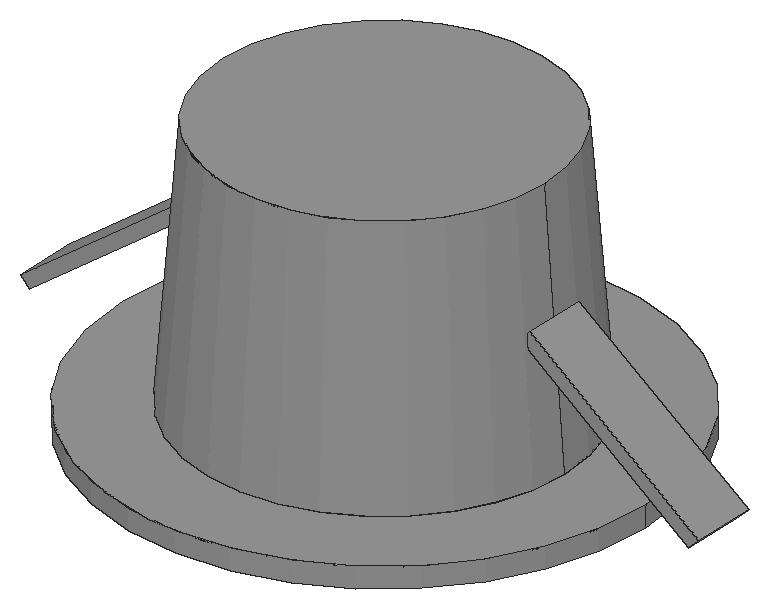
Revit family "MAGELLAN-DOWN_LIGHT_LED_14W_O130+connect_19_4000K", category Lighting Fixtures, host Ceiling, Revit 2021
Family settings
  Host = Ceiling
  Round Connector Dimension = Use Diameter
  Part Type = Normal
  OmniClass Number = 23.80.70.11
  OmniClass Title = Luminaries for Internal Lighting
  Always vertical = Yes
  Cut with Voids When Loaded = No
  Light Source = Yes
  Shared = No
  Room Calculation Point = No
Parameters (values of type "Type 1")
  Wattage = 9.02102 W
  built-in parameter 1150110 = 1 (stored number, unit not read)
  URL = "https://www.lucera.fr/"
  built-in parameter 1114217 = 1 (stored number, unit not read)
  Tilt Angle = 90.00°
  built-in parameter 1150109 = 1 (stored number, unit not read)
  built-in parameter 1150134 = 12
  built-in parameter 1150113 = 1 (stored number, unit not read)
  SDCM = "3"
  Puissance nominale = "14W"
  Photometric Web File = "google_eulumdat_converter.ies"
  Matériau = "Aluminium + PC réflecteur finition chrome"
  Manufacturer = "Lucera - Lucera (c) 06/01/2021 16:39:56 +01:00"  # constant formula
  Maintien du flux = "L80B10 (50 000 heures)"
  Lumens = 1340 lm
  built-in parameter 1150115 = 1 (stored number, unit not read)
  built-in parameter 1150105 = 106.63 (stored number, unit not read)
  built-in parameter 1150137 = (empty or 0)
  built-in parameter 1150139 = (empty or 0)
  built-in parameter 1150112 = 1 (stored number, unit not read)
  built-in parameter 1150114 = 1 (stored number, unit not read)
  Lamp = "LED Hongli 2835"
  built-in parameter 1150132 = 2
  built-in parameter 1150102 = (empty or 0)
  built-in parameter 1150138 = (empty or 0)
  built-in parameter 1150107 = 4000 (stored number, unit not read)
  built-in parameter 1150106 = 1.0663 (stored number, unit not read)
  IRC = ">90"
  built-in parameter 1150104 = 13.8 (stored number, unit not read)
  Durée de vie = "50 000 heures"
  Driver = "Driver Lifud TUV CE CCC"
  Dimming Lamp Color Temperature Shift = <None>
  Dimensions = "Ø 130 mm, H = 68 mm"
  Dimension découpe = "Ø 115 mm"
  Default Elevation = 0 mm
  Couleur = "Blanc"
  Color Filter = 16777215
  built-in parameter 1114218 = 1 (stored number, unit not read)
  built-in parameter 1150133 = 10 (stored number, unit not read)
  Angle d'éclairage = "80°"
  Alimentation luminaire = "25-42V dc / 350mA"
  Alimentation Driver = "AC 220-240V"
Reference planes
  plane 1 "Light Source Axis (F/B)": y = 0
  plane 2: z = 0
  plane 3 "Light Source Axis (L/R)": x = 0
  plane 4 "Ceiling": z = 4000
  plane 5 "Light Source Elevation": z = 3988.263
Forms (mm)
  Extrusion 1, solid, material "Aluminum"
    sketch origin (0, 0, 4000) x (0, 1, 0) y (-1, 0, 0)
      loop
        circle (0, 0) r 65
      loop
        circle (0, 0) r 45
    from -5 to 0
  Extrusion 2, solid, material "Glass, White, High Luminance"
    sketch origin (0, 0, 4000) x (0, 1, 0) y (-1, 0, 0)
      loop
        circle (0, 0) r 45
    from -5 to 0
  Blend 3, solid, material "Aluminum, gris"
    base sketch origin (0, 0, 4000) x (0, 1, 0) y (-1, 0, 0)
      loop
        circle (0, 0) r 45
    top sketch origin (0, 0, 4000) x (0, 1, 0) y (-1, 0, 0)
      loop
        circle (0, 0) r 40
    from 0 to 63
  Extrusion 4, solid, material "Aluminum"
    sketch origin (0, 0, 0) x (-1, 0, 0) y (0, 0, -1)
      loop
        line (39.964, -4031.745) -> (42.369, -4034.15) -> (84.496, -4002.406) -> (82.091, -4000) -> (39.964, -4031.745)
    from -7.667 to 7.808
  Extrusion 5, solid, material "Aluminum"
    sketch origin (0, 0, 0) x (1, 0, 0) y (0, 0, 1)
      loop
        line (39.964, 4031.745) -> (82.091, 4000) -> (84.496, 4002.406) -> (42.369, 4034.15) -> (39.964, 4031.745)
    from -7.667 to 7.808
Lines and regions (mm)
  reference lines
    curve 1: line (0, 0, 4000) -> (65, 0, 4000)
    curve 2: line (0, 0, 3995) -> (0, 0, 4063)
Dimensions and locks
  equal spacing: host sketch curve, plane 3 "Light Source Axis (L/R)", host sketch curve
  equal spacing: host sketch curve, plane 1 "Light Source Axis (F/B)", host sketch curve
  host sketch curve to host sketch curve = 4000 mm  (x2)
  plane 4 "Ceiling" to host ceiling = 0 mm
  aligned and locked: plane 1 "Light Source Axis (F/B)" to imposter light
  aligned and locked: plane 5 "Light Source Elevation" to imposter light
